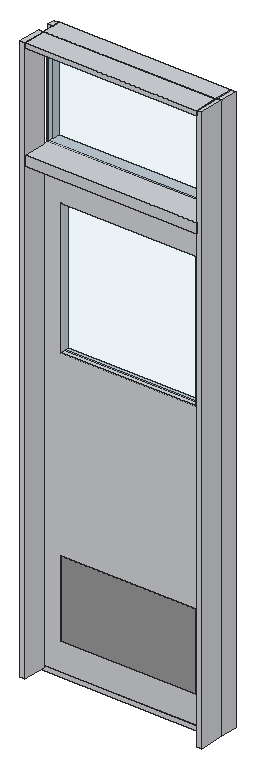
Revit family "Dor_片引き戸_引込み（幕板付）", category ドア, Revit 2020
Family settings
  ホスト = 壁
  常に垂直 = はい
  ロード時にボイドで切り取り = はい
  共有 = いいえ
  部屋計算ポイント = いいえ
Parameters (values of type "片引き戸_引込み（幕板付）")
  開口逃げ位置表示 [instance] = no
  金物_施錠方式(外) = ""
  金物_施錠方式(内) = ""
  金物_支持金物 = ""
  金物_操作金物 = ""
  金物_戸当り = ""
  金物_固定金物 = ""
  金物_フランス落し = ""
  金物_クローザー = ""
  逃げ_左 = 60 mm
  逃げ_右 = 60 mm
  解析用性能 = "<なし>"
  符号_建具記号 = ""
  符号_建具番号 = ""
  無目見付 = 50 mm
  法_随時閉鎖 = yes
  法_防火性能 = ""
  法_遮煙 = yes
  法_常時閉鎖 = yes
  沓摺表示 [instance] = yes
  枠見付上 = 25 mm
  文字_ガラス厚 = ""
  引き残し = 120 mm
  幕板高さ = 500 mm
  幕板_パネル [instance] = no
  幕板_ガラス [instance] = not(幕板_パネル)  # yes
  沓摺見込_Kg [instance] = 150 mm
  ラベル_遮煙 = if(法_遮煙, "S", " ")  # "S"
  ラベル_法囲み = if(法_常時閉鎖, "□", if(法_随時閉鎖, "〇", " "))  # "□"
  マテリアル_ハンドル = none
  ボード厚 [instance] = 25 mm
  ドア高さ = 2400 mm
  ドアパネルタイプ = DP_腰窓+ガラリ : 腰窓+ガラリ
  スリット/小窓位置：戸先 [instance] = yes
  クリアランス_戸尻枠 = 30 mm
  クリアランス_壁パネル間 = 10 mm
  ガラス厚 = 6 mm
  calc_沓摺幅 = パネル幅1 + calc_戸尻位置 + クリアランス_戸尻枠  # 1760 mm
  沓摺タイプ = Kb_沓摺_引込み : Kb_沓摺_引込み
  次による断熱プロパティの定義 = スキーマティック タイプ
  文字_額縁材質 = ""
  文字_額縁仕上 = ""
  文字_沓摺材質 = ""
  文字_沓摺仕上 = ""
  文字_枠材質 = ""
  文字_枠仕上 = ""
  文字_建具材質 = ""
  文字_建具仕上 = ""
  文字_取付場所 = ""
  文字_備考 = ""
  文字_パネル厚 = ""
  文字_ガラリ材質 = ""
  文字_ガラリ仕上 = ""
  文字_ガラス材質 = ""
  文字_アンダーカット = ""
  性能_遮音 = ""
  性能_気密 = ""
  形状_沓摺形状 = ""
  形状_枠形状 = ""
  形状_建具形式 = ""
  形状_ガラリ形状 = ""
  calc_戸袋見込 = パネル厚 + 14 mm + LOCK  # 59 mm
  calc_戸尻位置 = パネル幅1 - 引き残し  # 805 mm
  calc_壁芯ずれ [instance] = オフセット_内側 / 2 + LOCK  # 25 mm
  マテリアル_沓摺 = none
  マテリアル_枠 = none
  マテリアル_パネル = none
  マテリアル_ガラリ = none
  マテリアル_ガラス = ガラス - 透明
  パネル幅2 = 0 mm  # constant formula
  パネル幅1 = 幅 + 枠見付  # 925 mm
  引手表示 [instance] = yes
  Keynote = ""
  オフセット_内側 [instance] = 50 mm
  calc_全幅 = W寸法 + calc_戸尻位置 + クリアランス_戸尻枠 + 枠見付  # 1760 mm
  calc_ボイド高さ [instance] = if(幕板_パネル, H寸法, H寸法 + 枠見付上)  # 2975 mm
  calc_パネル中心_幅 = 枠見付 / 2 + LOCK  # 12.5 mm
  calc_パネル中心_厚 [instance] = ボード厚 + LGS厚 / 2 + 枠ちり外 + LOCK  # 68.5 mm
  W寸法 = 900 mm
  LOCK = 0 mm  # constant formula
  Function = (empty or 0)
  Description = ""
  Rough Width = 0 mm
  高さ = 2650 mm
  枠見付 = 25 mm
  枠ちり外 = 10 mm
  枠ちり内 = 10 mm
  引手_高さ = 900 mm
  引手_オフセット = 80 mm
  戸当見込 = 50 mm
  戸当見付 = 15 mm
  Construction Type = ""
  Wall Closure = (empty or 0)
  幅 = W寸法 + LOCK  # 900 mm
  Rough Height = 0 mm
  パネル高 = ドア高さ - アンダーカット  # 2395 mm
  パネル幅 = パネル幅1 + LOCK  # 925 mm
  パネル厚 = 45 mm
  アンダーカット = 5 mm
  LGS厚 [instance] = 67 mm
  H寸法 [instance] = if(幕板_パネル, ドア高さ + 幕板高さ, ドア高さ + 無目見付 + 幕板高さ)  # 2950 mm
Reference planes
  plane 1: y = 0.417
  plane 2 "中心(左/右)": x = 0
  plane 3 "EXT.": y = 75.417
  plane 4 "内壁": y = -74.583
  plane 5 "左": x = -450
  plane 6 "右": x = 450
  plane 7 "上側": z = 2950
  plane 8: z = 0
  plane 9 "枠ちり外": y = 85.417
  plane 10 "枠外側左": x = -475
  plane 11 "枠外側右": x = 475
  plane 12 "枠見付_上": z = 2975
  plane 13: z = 5
  plane 14 "オフセット_内側": y = -124.583
  plane 15 "枠ちり内": y = -134.583
  plane 16: y = 65.417
  plane 17: x = -480
  plane 18: x = 480
  plane 19: y = -129.583
  plane 20 "パネル中心": y = 16.917
  plane 21: z = 900
  plane 22 "ボード厚": y = 50.417
  plane 23: x = -1280
  plane 24: x = -1310
  plane 25: x = -1335
  plane 26 "パネル幅中心": x = -12.5
  plane 27 "引手位置": x = 370
  plane 28 "沓摺中心": x = -430
  plane 29: y = 65
  plane 30 "LGS厚": y = -16.583
  plane 31 "戸袋内側": y = -12.583
  plane 32 "戸袋外側": y = 46.417
  plane 33: x = -470
  plane 34: y = 80.417
  plane 35: y = 39.417
  plane 36: y = -5.583
  plane 37: z = 2977
  plane 38: y = -5.583
  plane 39: y = 39.417
  plane 40: z = 2450
  plane 41: z = 2400
  plane 42: z = 1202.5
  plane 43: y = 34.417
  plane 44: y = 21.917
  plane 45: y = 11.917
  plane 46: y = 21.917
  plane 47: y = 11.917
  plane 48: y = 21.917
  plane 49: y = 11.917
  plane 50 "逃げ位置": y = 16.917
  plane 51: y = 55.417
  plane 52: y = -104.583
  plane 53: z = 2952
  plane 54: y = 55.417
  plane 55: y = -104.583
  plane 56: x = -330
Forms (mm)
  Extrusion 1, void
    sketch origin (0, 0, 0) x (1, 0, 0) y (0, 1, 0)
      loop
        line (-475, -124.583) -> (475, -124.583) -> (475, 50.417) -> (-475, 50.417) -> (-475, -124.583)
    from 0 to 2975 <- "calc_ボイド高さ"
  Extrusion 2, void
    sketch origin (0, 0, 0) x (1, 0, 0) y (0, 1, 0)
      loop
        line (-475, 75.417) -> (-475, 46.417) -> (475, 46.417) -> (475, 75.417) -> (-475, 75.417)
    from 0 to 2975 <- "calc_ボイド高さ"
  Extrusion 3, solid, material <- "マテリアル_枠", visible <- "幕板_ガラス"
    sketch origin (0, 0, 0) x (1, 0, 0) y (0, 1, 0)
      loop
        line (-450, 85.417) -> (-450, -12.583) -> (450, -12.583) -> (450, 85.417) -> (-450, 85.417)
    from 2950 to 2975
  Extrusion 4, solid, material <- "マテリアル_枠", visible <- "幕板_ガラス"
    sketch origin (0, 0, 0) x (1, 0, 0) y (0, 1, 0)
      loop
        line (-450, -134.583) -> (450, -134.583) -> (450, 46.417) -> (-450, 46.417) -> (-450, -134.583)
    from 2950 to 2975
  Extrusion 5, solid, material <- "マテリアル_枠"
    sketch origin (0, 0, 0) x (1, 0, 0) y (0, 1, 0)
      loop
        line (-475, -134.583) -> (-450, -134.583) -> (-450, -12.583) -> (-475, -12.583) -> (-475, -134.583)
      loop
        line (450, -134.583) -> (475, -134.583) -> (475, -5.583) -> (450, -5.583) -> (450, -134.583)
    from 0 to 2975 <- "calc_ボイド高さ"
  Extrusion 6, solid, material <- "マテリアル_枠"
    sketch origin (0, 0, 0) x (1, 0, 0) y (0, 1, 0)
      loop
        line (-475, 46.417) -> (-450, 46.417) -> (-450, 85.417) -> (-475, 85.417) -> (-475, 46.417)
      loop
        line (450, -5.583) -> (475, -5.583) -> (475, 85.417) -> (450, 85.417) -> (450, -5.583)
    from 0 to 2975 <- "calc_ボイド高さ"
  Extrusion 7, solid, material <- "マテリアル_枠"
    sketch origin (0, 0, 0) x (0, 1, 0) y (0, 0, 1)
      loop
        line (85.417, 2400) -> (85.417, 2450) -> (-134.583, 2450) -> (-134.583, 2400) -> (85.417, 2400)
    from -450 to 450
  Extrusion 8, solid, material <- "マテリアル_パネル", visible <- "幕板_パネル"
    sketch origin (0, 0, 0) x (0, 1, 0) y (0, 0, 1)
      loop
        line (85.417, 2950) -> (-134.583, 2950) -> (-134.583, 2400) -> (85.417, 2400) -> (85.417, 2950)
    from -450 to 450
  Extrusion 9, solid, material "ガラス - 透明" <- "マテリアル_ガラス", visible <- "幕板_ガラス"
    sketch origin (0, 0, 0) x (0, 1, 0) y (0, 0, 1)
      loop
        line (21.917, 2950) -> (11.917, 2950) -> (11.917, 2450) -> (21.917, 2450) -> (21.917, 2950)
    from -450 to 450
  Extrusion 10, void
    sketch origin (0, 0, 0) x (1, 0, 0) y (0, 1, 0)
      loop
        line (-1335, -16.583) -> (-475, -16.583) -> (-475, 50.417) -> (-1335, 50.417) -> (-1335, -16.583)
    from 0 to 2975 <- "calc_ボイド高さ"
Cuts and joins
  Extrusion 10 cuts Extrusion 5
  Extrusion 10 cuts Extrusion 6
Lines and regions (mm)
  Masking region 1
    outline origin (0, 0, 0) x (0, 1, 0) y (0, 0, 1)
      loop
        line (39.417, 2400) -> (-5.583, 2400) -> (-5.583, 5) -> (39.417, 5) -> (39.417, 2400)
  Masking region 2, visible <- "幕板_ガラス"
    outline origin (0, 0, 0) x (0, 1, 0) y (0, 0, 1)
      loop
        line (55.417, 2975) -> (55.417, 2977) -> (-104.583, 2977) -> (-104.583, 2975) -> (-134.583, 2975) -> (-134.583, 2950) -> (85.417, 2950) -> (85.417, 2975) -> (55.417, 2975)
  Masking region 3, detail levels medium+fine
    outline origin (0, 0, 0) x (1, 0, 0) y (0, 1, 0)
      loop
        line (-475, -12.583) -> (-475, -134.583) -> (-450, -134.583) -> (-450, -12.583) -> (-475, -12.583)
      loop
        line (475, -134.583) -> (475, 85.417) -> (450, 85.417) -> (450, -134.583) -> (475, -134.583)
      loop
        line (-1335, -16.583) -> (-1310, -16.583) -> (-1310, 50.417) -> (-1335, 50.417) -> (-1335, -16.583)
      loop
        line (-475, 85.417) -> (-475, 46.417) -> (-450, 46.417) -> (-450, 85.417) -> (-475, 85.417)
  Masking region 4, detail levels coarse
    outline origin (0, 0, 0) x (1, 0, 0) y (0, 1, 0)
      loop
        line (-480, -16.583) -> (-480, -124.583) -> (-450, -124.583) -> (-450, -16.583) -> (-480, -16.583)
      loop
        line (480, 75.417) -> (450, 75.417) -> (450, -124.583) -> (480, -124.583) -> (480, 75.417)
      loop
        line (-480, 50.417) -> (-450, 50.417) -> (-450, 75.417) -> (-480, 75.417) -> (-480, 50.417)
      loop
        line (-1310, 50.417) -> (-1310, 55.417) -> (-1340, 55.417) -> (-1340, -21.583) -> (-1310, -21.583) -> (-1310, -16.583) -> (-1310, 50.417)
  Masking region 5, detail levels medium+fine
    outline origin (0, 0, 0) x (1, 0, 0) y (0, 1, 0)
      loop
        line (-475, -16.583) -> (-475, -12.583) -> (-470, -12.583) -> (-470, 46.417) -> (-475, 46.417) -> (-475, 50.417) -> (-1310, 50.417) -> (-1310, -16.583) -> (-475, -16.583)
  Masking region 6, detail levels coarse
    outline origin (0, 0, 0) x (1, 0, 0) y (0, 1, 0)
      loop
        line (-1310, -16.583) -> (-475, -16.583) -> (-450, -16.583) -> (-450, 50.417) -> (-475, 50.417) -> (-1310, 50.417) -> (-1310, -16.583)
  Masking region 7, visible <- "幕板_ガラス"
    outline origin (0, 0, 0) x (0, 1, 0) y (0, 0, 1)
      loop
        line (85.417, 2400) -> (85.417, 2450) -> (-134.583, 2450) -> (-134.583, 2400) -> (85.417, 2400)
  Masking region 8, visible <- "幕板_ガラス"
    outline origin (0, 0, 0) x (0, 1, 0) y (0, 0, 1)
      loop
        line (21.917, 2450) -> (21.917, 2950) -> (11.917, 2950) -> (11.917, 2450) -> (21.917, 2450)
  Masking region 9, visible <- "幕板_ガラス"
    outline origin (0, 0, 0) x (0, 1, 0) y (0, 0, 1)
      loop
        line (85.417, 2450) -> (85.417, 2950) -> (21.917, 2950) -> (21.917, 2450) -> (85.417, 2450)
      loop
        line (-134.583, 2450) -> (11.917, 2450) -> (11.917, 2950) -> (-134.583, 2950) -> (-134.583, 2450)
  Masking region 10, visible <- "幕板_パネル"
    outline origin (0, 0.835, 5.305) x (0, 1, 0) y (0, 0, 1)
      loop
        line (-135.417, 2394.695) -> (84.583, 2394.695) -> (84.583, 2944.695) -> (54.583, 2944.695) -> (54.583, 2946.695) -> (-105.417, 2946.695) -> (-105.417, 2944.695) -> (-135.417, 2944.695) -> (-135.417, 2394.695)
  symbolic lines
    curve 1: line (0, 135.417, 0) -> (0, -184.583, 0)
Text (mm)
  text "EXT." at (-2295.016, 1099.543, 0), in view "基準レベル"
  text "外部" at (0, 1615.38, 3698.081), in view "左"
  text "外部" at (0, 1036.032, 3874.932), in view "右"
  text "内部" at (0, -1175.082, 3874.932), in view "右"
  text "内部" at (-2295.016, -1087.353, 0), in view "基準レベル"
Dimensions and locks
  equal spacing: plane 5 "左", plane 2 "中心(左/右)", plane 6 "右"
  locked: plane 3 "EXT." to host wall
  locked: plane 4 "内壁" to host wall
  "W寸法": plane 5 "左" to plane 6 "右"
  "H寸法": plane 8 to plane 7 "上側"
  "枠ちり外": plane 3 "EXT." to plane 9 "枠ちり外"
  "枠ちり内": plane 14 "オフセット_内側" to plane 15 "枠ちり内"
  "アンダーカット": plane 13 to plane 8
  locked: plane 3 "EXT." to plane 16 at 10
  locked: curve 1 to plane 9 "枠ちり外" at 50
  locked: plane 15 "枠ちり内" to curve 1 at 50
  plane 4 "内壁" to plane 3 "EXT." = 150 mm
  locked: plane 17 to plane 10 "枠外側左" at 5
  locked: plane 11 "枠外側右" to plane 18 at 5
  locked: plane 14 "オフセット_内側" to plane 19 at 5
  "calc_パネル中心_厚": plane 9 "枠ちり外" to plane 20 "パネル中心"
  "引手_高さ": plane 21 to level
  "枠見付": plane 6 "右" to plane 11 "枠外側右"
  "枠見付": plane 10 "枠外側左" to plane 5 "左"
  plane 7 "上側" to plane 12 "枠見付_上" = 25 mm
  "クリアランス_戸尻枠": plane 24 to plane 23
  "枠見付": plane 25 to plane 24
  "枠見付上": plane 12 "枠見付_上" to plane 7 "上側"
  "calc_パネル中心_幅": plane 26 "パネル幅中心" to plane 2 "中心(左/右)"
  "calc_戸尻位置": plane 23 to plane 10 "枠外側左"
  equal spacing: plane 24, plane 28 "沓摺中心", plane 6 "右"
  "引手_オフセット": plane 27 "引手位置" to plane 6 "右"
  plane 29 to plane 3 "EXT." = 10.417 mm
  plane 8 to plane 7 "上側" = 2950 mm
  "ボード厚": plane 22 "ボード厚" to plane 3 "EXT."
  "LGS厚": plane 22 "ボード厚" to plane 30 "LGS厚"
  equal spacing: plane 32 "戸袋外側", plane 20 "パネル中心", plane 31 "戸袋内側"
  "calc_戸袋見込": plane 32 "戸袋外側" to plane 31 "戸袋内側"
  plane 10 "枠外側左" to plane 33 = 5 mm
  plane 3 "EXT." to plane 34 = 5 mm
  equal spacing: plane 35, plane 20 "パネル中心", plane 36
  "パネル厚": plane 35 to plane 36
  "オフセット_内側": plane 4 "内壁" to plane 14 "オフセット_内側"
  equal spacing: plane 39, plane 20 "パネル中心", plane 38
  "パネル厚": plane 39 to plane 38
  "ドア高さ": plane 41 to plane 8
  "無目見付": plane 40 to plane 41
  plane 7 "上側" to plane 40 = 500 mm
  equal spacing: plane 41, plane 42, plane 13
  plane 37 to plane 12 "枠見付_上" = 2 mm
  plane 39 to plane 43 = 5 mm
  equal spacing: plane 44, plane 20 "パネル中心", plane 45
  plane 44 to plane 45 = 10 mm
  equal spacing: plane 46, plane 20 "パネル中心", plane 47
  plane 46 to plane 47 = 10 mm
  equal spacing: plane 48, plane 20 "パネル中心", plane 49
  plane 48 to plane 49 = 10 mm
  Masking region 4 sketch curve to plane 22 "ボード厚" = 5 mm
  plane 30 "LGS厚" to Masking region 4 sketch curve = 5 mm
  Masking region 4 sketch curve to plane 25 = 5 mm
  plane 7 "上側" to plane 41 = 550 mm
  locked: plane 7 "上側" to plane 53 at 2
  plane 9 "枠ちり外" to plane 51 = 30 mm
  plane 52 to plane 15 "枠ちり内" = 30 mm
  locked: plane 9 "枠ちり外" to plane 54 at 30
  locked: plane 55 to plane 15 "枠ちり内" at 30
  "引き残し": plane 5 "左" to plane 56
  aligned and locked: plane 1 to host wall
  aligned and locked: level to plane 8
  aligned and locked: Extrusion 2 sketch curve to host wall
  aligned and locked: plane 10 "枠外側左" to Extrusion 2 sketch curve
  aligned and locked: plane 11 "枠外側右" to Extrusion 2 sketch curve
  aligned and locked: Extrusion 1 to plane 14 "オフセット_内側"
  aligned and locked: Masking region 2 sketch curve to plane 15 "枠ちり内"
  aligned and locked: plane 9 "枠ちり外" to Masking region 2 sketch curve
  aligned and locked: Masking region 4 sketch curve to plane 17  (x2)
  aligned and locked: plane 6 "右" to Masking region 4 sketch curve
  aligned and locked: Masking region 4 sketch curve to plane 18
  aligned and locked: plane 14 "オフセット_内側" to Masking region 4 sketch curve
  aligned and locked: Masking region 4 sketch curve to plane 14 "オフセット_内側"
  aligned and locked: plane 6 "右" to Masking region 3 sketch curve
  aligned and locked: plane 9 "枠ちり外" to Masking region 3 sketch curve
  aligned and locked: plane 5 "左" to Masking region 3 sketch curve  (x2)
  aligned and locked: Extrusion 3 sketch curve to plane 6 "右"
  aligned and locked: Extrusion 4 sketch curve to plane 15 "枠ちり内"
  aligned and locked: plane 5 "左" to Extrusion 4 sketch curve
  aligned and locked: Extrusion 4 sketch curve to plane 6 "右"
  aligned and locked: plane 12 "枠見付_上" to Extrusion 3
  aligned and locked: plane 7 "上側" to Extrusion 3
  aligned and locked: plane 22 "ボード厚" to Extrusion 1 sketch curve
  aligned and locked: Extrusion 5 sketch curve to plane 15 "枠ちり内"  (x2)
  aligned and locked: Extrusion 5 sketch curve to plane 5 "左"
  aligned and locked: Extrusion 5 sketch curve to plane 10 "枠外側左"
  aligned and locked: plane 6 "右" to Extrusion 5 sketch curve
  aligned and locked: Extrusion 5 sketch curve to plane 11 "枠外側右"
  aligned and locked: plane 7 "上側" to Extrusion 4
  aligned and locked: plane 26 "パネル幅中心" to nested 2
  aligned and locked: plane 27 "引手位置" to nested 4
  aligned and locked: nested 4 to plane 21
  aligned and locked: plane 2 "中心(左/右)" to nested 5
  aligned and locked: nested 3 to plane 20 "パネル中心"
  aligned and locked: plane 20 "パネル中心" to nested 4
  aligned and locked: Masking region 3 sketch curve to plane 31 "戸袋内側"
  aligned and locked: plane 31 "戸袋内側" to Extrusion 5 sketch curve
  aligned and locked: Masking region 4 sketch curve to plane 3 "EXT."
  aligned and locked: Masking region 4 sketch curve to plane 5 "左"
  aligned and locked: nested 2 to plane 20 "パネル中心"
  aligned and locked: Masking region 3 sketch curve to plane 25
  aligned and locked: plane 24 to Masking region 3 sketch curve
  aligned and locked: plane 22 "ボード厚" to Masking region 3 sketch curve
  aligned and locked: Masking region 3 sketch curve to plane 30 "LGS厚"
  aligned and locked: plane 10 "枠外側左" to Masking region 3 sketch curve
  aligned and locked: Masking region 3 sketch curve to plane 32 "戸袋外側"
  aligned and locked: Masking region 3 sketch curve to plane 9 "枠ちり外"
  aligned and locked: plane 30 "LGS厚" to Masking region 5 sketch curve
  aligned and locked: Masking region 5 sketch curve to plane 22 "ボード厚"
  aligned and locked: plane 24 to Masking region 5 sketch curve
  aligned and locked: Masking region 5 sketch curve to plane 10 "枠外側左"  (x2)
  aligned and locked: Masking region 5 sketch curve to plane 32 "戸袋外側"
  aligned and locked: Masking region 5 sketch curve to plane 33
  aligned and locked: plane 31 "戸袋内側" to Masking region 5 sketch curve
  aligned and locked: plane 22 "ボード厚" to Masking region 6 sketch curve  (x2)
  aligned and locked: Masking region 6 sketch curve to plane 30 "LGS厚"  (x2)
  aligned and locked: Masking region 6 sketch curve to plane 24
  aligned and locked: Masking region 6 sketch curve to plane 5 "左"
  aligned and locked: plane 10 "枠外側左" to Masking region 6 sketch curve  (x2)
  aligned and locked: Masking region 4 sketch curve to plane 30 "LGS厚"
  aligned and locked: Masking region 4 sketch curve to plane 22 "ボード厚"
  aligned and locked: Extrusion 3 sketch curve to plane 9 "枠ちり外"
  aligned and locked: Extrusion 3 sketch curve to plane 5 "左"
  aligned and locked: Extrusion 2 sketch curve to plane 32 "戸袋外側"
  aligned and locked: plane 7 "上側" to Masking region 2 sketch curve  (x2)
  aligned and locked: Extrusion 4 sketch curve to plane 32 "戸袋外側"
  aligned and locked: Masking region 1 to nested 3
  aligned and locked: Masking region 1 sketch curve to plane 36
  aligned and locked: Masking region 1 sketch curve to plane 35
  aligned and locked: plane 37 to Masking region 2 sketch curve  (x2)
  aligned and locked: nested 1 to plane 20 "パネル中心"
  aligned and locked: plane 9 "枠ちり外" to Extrusion 6 sketch curve  (x2)
  aligned and locked: plane 6 "右" to Extrusion 6 sketch curve
  aligned and locked: Extrusion 6 sketch curve to plane 11 "枠外側右"
  aligned and locked: Extrusion 6 sketch curve to plane 5 "左"
  aligned and locked: Extrusion 6 sketch curve to plane 10 "枠外側左"
  aligned and locked: Extrusion 6 sketch curve to plane 32 "戸袋外側"
  aligned and locked: Extrusion 3 sketch curve to plane 31 "戸袋内側"
  aligned and locked: Extrusion 6 sketch curve to plane 38
  aligned and locked: plane 38 to Extrusion 5 sketch curve
  aligned and locked: Masking region 1 sketch curve to plane 41
  aligned and locked: nested 5 to plane 42
  aligned and locked: plane 9 "枠ちり外" to Extrusion 7 sketch curve
  aligned and locked: Extrusion 7 sketch curve to plane 15 "枠ちり内"
  aligned and locked: plane 40 to Extrusion 7 sketch curve
  aligned and locked: Extrusion 7 sketch curve to plane 41
  aligned and locked: plane 12 "枠見付_上" to Masking region 2 sketch curve
  aligned and locked: plane 12 "枠見付_上" to Extrusion 4
  aligned and locked: plane 7 "上側" to Extrusion 8 sketch curve
  aligned and locked: plane 44 to Extrusion 9 sketch curve
  aligned and locked: Extrusion 9 sketch curve to plane 45
  aligned and locked: plane 40 to Extrusion 9 sketch curve
  aligned and locked: plane 7 "上側" to Extrusion 9 sketch curve
  aligned and locked: Extrusion 8 to plane 6 "右"
  aligned and locked: Extrusion 9 to plane 6 "右"
  aligned and locked: Extrusion 7 to plane 6 "右"
  aligned and locked: plane 5 "左" to Extrusion 8
  aligned and locked: plane 5 "左" to Extrusion 9
  aligned and locked: plane 5 "左" to Extrusion 7
  aligned and locked: plane 40 to Masking region 7 sketch curve
  aligned and locked: Masking region 7 sketch curve to plane 15 "枠ちり内"
  aligned and locked: Masking region 7 sketch curve to plane 41
  aligned and locked: plane 9 "枠ちり外" to Masking region 7 sketch curve
  aligned and locked: plane 9 "枠ちり外" to Masking region 9 sketch curve
  aligned and locked: plane 15 "枠ちり内" to Masking region 9 sketch curve
  aligned and locked: plane 40 to Masking region 9 sketch curve
  aligned and locked: Masking region 9 sketch curve to plane 40
  aligned and locked: plane 7 "上側" to Masking region 9 sketch curve
  aligned and locked: Masking region 9 sketch curve to plane 7 "上側"
  aligned and locked: Masking region 9 sketch curve to plane 49
  aligned and locked: Masking region 9 sketch curve to plane 48
  aligned and locked: Extrusion 10 sketch curve to plane 25
  aligned and locked: Extrusion 10 sketch curve to plane 30 "LGS厚"
  aligned and locked: plane 22 "ボード厚" to Extrusion 10 sketch curve
  aligned and locked: plane 10 "枠外側左" to Extrusion 10 sketch curve
  aligned and locked: Extrusion 10 to level
  aligned and locked: plane 26 "パネル幅中心" to nested 1
  aligned and locked: Masking region 3 sketch curve to plane 11 "枠外側右"
  aligned and locked: Masking region 4 sketch curve to plane 24
  aligned and locked: plane 22 "ボード厚" to Masking region 4 sketch curve
  aligned and locked: plane 30 "LGS厚" to Masking region 4 sketch curve
  aligned and locked: nested 6 to plane 50 "逃げ位置"
  aligned and locked: plane 41 to Extrusion 8 sketch curve
  aligned and locked: plane 15 "枠ちり内" to Extrusion 8 sketch curve
  aligned and locked: Masking region 10 sketch curve to plane 53
  aligned and locked: plane 51 to Masking region 10 sketch curve
  aligned and locked: Masking region 10 sketch curve to plane 52
  aligned and locked: plane 41 to Masking region 10 sketch curve
  aligned and locked: plane 15 "枠ちり内" to Masking region 10 sketch curve
  aligned and locked: plane 7 "上側" to Masking region 10 sketch curve  (x2)
  aligned and locked: Masking region 2 sketch curve to plane 54
  aligned and locked: plane 55 to Masking region 2 sketch curve
  aligned and locked: plane 28 "沓摺中心" to nested 6
  aligned and locked: plane 20 "パネル中心" to plane 50 "逃げ位置"
Automatic sketch dimensions
  curve 1 to plane 2 "中心(左/右)" = 0 mm
  Extrusion 1 sketch curve to plane 10 "枠外側左" = 0 mm
  Extrusion 1 sketch curve to plane 11 "枠外側右" = 0 mm
  Extrusion 1 sketch curve to plane 14 "オフセット_内側" = 0 mm
  Masking region 1 sketch curve to plane 13 = 0 mm
  Masking region 2 sketch curve to plane 12 "枠見付_上" = 0 mm
  Masking region 8 sketch curve to plane 40 = 0 mm
  Masking region 8 sketch curve to plane 47 = 0 mm
  plane 7 "上側" to Masking region 8 sketch curve = 0 mm
  Masking region 8 sketch curve to plane 46 = 0 mm
  Masking region 3 sketch curve to plane 10 "枠外側左" = 0 mm
  Masking region 3 sketch curve to plane 15 "枠ちり内" = 0 mm  (x2)
  Masking region 4 sketch curve to plane 5 "左" = 0 mm
  Masking region 4 sketch curve to host wall = 0 mm
  Extrusion 8 sketch curve to plane 9 "枠ちり外" = 0 mm
  plane 9 "枠ちり外" to Masking region 10 sketch curve = 0 mm
Nested families
  nested 1: "Kb_沓摺_引込み" at (-12.5, 16.917, 0), アンダーカット <- "アンダーカット", パネル厚 <- "パネル厚", パネル幅 <- "パネル幅1", 沓摺材質 <- "マテリアル_沓摺", type <- "沓摺タイプ", パネル中心位置 <- "calc_パネル中心_厚", 沓摺見込 <- "沓摺見込_Kg", visible <- "沓摺表示", type "Kb_沓摺_引込み"
    with 沓摺見込 150 mm, 沓摺材質 none, パネル幅 925 mm, パネル厚 45 mm, パネル中心位置 68.5 mm, アンダーカット 5 mm
  nested 2: "平面_引き戸" at (-12.5, 16.917, 0), type "平面_引き戸"
    with 幅 925 mm, パネル幅 925 mm
  nested 3: "DP_腰窓+ガラリ" at (-12.5, 16.917, 0), マテリアル_パネル <- "マテリアル_パネル", 幅 <- "パネル幅1", 高さ <- "パネル高", Thickness <- "パネル厚", type <- "ドアパネルタイプ", アンダーカット <- "アンダーカット", マテリアル_ガラス <- "マテリアル_ガラス", マテリアル_ガラリ <- "マテリアル_ガラリ", スリット/小窓位置：戸先 <- "スリット/小窓位置：戸先", ガラス厚 <- "ガラス厚", type "腰窓+ガラリ"
    with 高さ 2395 mm, 幅 925 mm, built-in parameter 1001302 45 mm, マテリアル_パネル none, マテリアル_ガラリ none, マテリアル_ガラス ガラス - 透明, スリット/小窓位置：戸先 yes, ガラス厚 6 mm, アンダーカット 5 mm, calc_窓W 705 mm, calc_窓H 700 mm
  nested 4: "Ha_引手" at (370, 16.917, 900) x (-1, 0, 0) z (0, 0, 1), visible <- "引手表示", type "Ha_引手"
    with パネル厚 45 mm
  nested 5: "立面_スイング_引き戸" at (0, 75.417, 1202.5) x (1, 0, 0) z (0, -1, 0), type "立面_スイング_引き戸"
    with 幅 250 mm
  nested 6: "平面_逃げ位置" at (-430, 16.917, 0), visible <- "開口逃げ位置表示", 幅 <- "calc_全幅", 逃げ_右 <- "逃げ_右", 逃げ_左 <- "逃げ_左", type "平面_逃げ位置"
    with 逃げ_左 60 mm, 逃げ_右 60 mm, 幅 1760 mm
Definition of nested family "Kb_沓摺_引込み"
  Parameters (values of type "Kb_沓摺_引込み")
    沓摺材質 [instance] = none
    Default Elevation = 0 mm
    沓摺見込 [instance] = 150 mm
    パネル幅 [instance] = 830 mm
    パネル厚 [instance] = 45 mm
    パネル中心位置 [instance] = 0 mm
    アンダーカット [instance] = 5 mm
  Reference planes
    plane 1 "中心(正面/背面)": y = 0
    plane 2: z = 0
    plane 3 "中心(左/右)": x = 0
    plane 4 "パネル内側": y = -22.5
    plane 5: x = -415
    plane 6: x = 415
    plane 7: z = 5
    plane 8: z = 3
    plane 9 "パネル外側": y = 22.5
    plane 10: z = -20
    plane 11: y = 0
    plane 12: y = -150
  Forms (mm)
    Extrusion 1, solid, material <- "沓摺材質"
      sketch origin (0, 0, 0) x (0, 1, 0) y (0, 0, 1)
        loop
          line (22.5, -20) -> (22.5, 3) -> (-22.5, 3) -> (-22.5, -20) -> (22.5, -20)
      from -415 to 415
  Lines and regions (mm)
    Masking region 1
      outline origin (0, 0, 0) x (0, 1, 0) y (0, 0, 1)
        loop
          line (22.5, -20) -> (22.5, 3) -> (-22.5, 3) -> (-22.5, -20) -> (22.5, -20)
    Masking region 2, detail levels medium+fine
      outline origin (0, 0, 0) x (1, 0, 0) y (0, 1, 0)
        loop
          line (-415, -22.5) -> (415, -22.5) -> (415, 22.5) -> (-415, 22.5) -> (-415, -22.5)
  Dimensions and locks
    "パネル幅": plane 5 to plane 6
    equal spacing: plane 5, plane 3 "中心(左/右)", plane 6
    "アンダーカット": plane 7 to plane 2
    locked: plane 7 to plane 8 at 2
    equal spacing: plane 9 "パネル外側", plane 1 "中心(正面/背面)", plane 4 "パネル内側"
    "パネル厚": plane 9 "パネル外側" to plane 4 "パネル内側"
    locked: plane 7 to plane 10 at 25
    "パネル中心位置": plane 11 to plane 1 "中心(正面/背面)"
    "沓摺見込": plane 11 to plane 12
    aligned and locked: level to plane 2
    aligned and locked: plane 10 to Extrusion 1 sketch curve
    aligned and locked: Extrusion 1 sketch curve to plane 9 "パネル外側"
    aligned and locked: Extrusion 1 sketch curve to plane 8
    aligned and locked: plane 4 "パネル内側" to Extrusion 1 sketch curve
    aligned and locked: plane 6 to Extrusion 1
    aligned and locked: Extrusion 1 to plane 5
    aligned and locked: Masking region 1 sketch curve to plane 9 "パネル外側"
    aligned and locked: plane 4 "パネル内側" to Masking region 1 sketch curve
    aligned and locked: Masking region 1 sketch curve to plane 8
    aligned and locked: plane 10 to Masking region 1 sketch curve
    aligned and locked: plane 5 to Extrusion 1
    aligned and locked: Extrusion 1 to plane 6
    aligned and locked: plane 9 "パネル外側" to Masking region 2 sketch curve
    aligned and locked: Masking region 2 sketch curve to plane 4 "パネル内側"
    aligned and locked: Masking region 2 sketch curve to plane 5
    aligned and locked: plane 6 to Masking region 2 sketch curve
Definition of nested family "DP_腰窓+ガラリ"
  Parameters (values of type "腰窓+ガラリ")
    Height [instance] = 1995 mm
    Analytic Construction = "<なし>"
    窓位置_戸先 = 110 mm
    窓位置_戸尻 = 110 mm
    Define Thermal Properties by = 1
    Thickness [instance] = 40 mm
    窓腰高 = 1500 mm
    マテリアル_パネル [instance] = none
    マテリアル_ガラリ [instance] = none
    マテリアル_ガラス [instance] = none
    スリット/小窓位置：戸先 [instance] = yes
    ガラリ位置_下 = 150 mm
    窓位置_上 = 200 mm
    Width [instance] = 800 mm
    ガラリH = 400 mm
    ガラス厚 [instance] = 6 mm
    アンダーカット [instance] = 5 mm
    calc_窓W [instance] = Width - 窓位置_戸先 - 窓位置_戸尻  # 580 mm
    calc_窓H [instance] = (Height + アンダーカット) - 窓腰高 - 窓位置_上  # 300 mm
  Reference planes
    plane 1 "中心(正面/背面)": y = 0
    plane 2 "下": z = 0
    plane 3 "中心(左/右)": x = 0
    plane 4 "右": x = 400
    plane 5 "左": x = -400
    plane 6 "前面": y = 20
    plane 7 "背面": y = -20
    plane 8 "上": z = 2000
    plane 9 "框左": x = -290
    plane 10 "框右": x = 290
    plane 11 "ガラス下": z = 1500
    plane 12 "框上": z = 1800
    plane 13 "ガラリ上": z = 550
    plane 14 "框下": z = 150
    plane 15 "窓中央": x = 0
    plane 16: z = 5
  Forms (mm)
    Extrusion 1, solid, material <- "マテリアル_パネル"
      sketch origin (0, 0, 0) x (1, 0, 0) y (0, 0, 1)
        loop
          line (-400, 2000) -> (-400, 5) -> (400, 5) -> (400, 2000) -> (-400, 2000)
        loop
          line (-290, 1800) -> (-290, 1500) -> (290, 1500) -> (290, 1800) -> (-290, 1800)
        loop
          line (-290, 550) -> (-290, 150) -> (290, 150) -> (290, 550) -> (-290, 550)
      from -20 to 20
    Extrusion 2, solid, material <- "マテリアル_ガラリ"
      sketch origin (0, 0, 0) x (1, 0, 0) y (0, 0, 1)
        loop
          line (-290, 550) -> (-290, 150) -> (290, 150) -> (290, 550) -> (-290, 550)
      from -20 to 20
  Dimensions and locks
    equal spacing: plane 5 "左", plane 3 "中心(左/右)", plane 4 "右"
    "Width": plane 5 "左" to plane 4 "右"
    equal spacing: plane 6 "前面", plane 1 "中心(正面/背面)", plane 7 "背面"
    "Thickness": plane 6 "前面" to plane 7 "背面"
    "窓位置_上": plane 8 "上" to plane 12 "框上"
    "窓腰高": plane 11 "ガラス下" to level
    "窓位置_戸先": plane 4 "右" to plane 10 "框右"
    "窓位置_戸尻": plane 9 "框左" to plane 5 "左"
    "ガラリ位置_下": plane 14 "框下" to level
    "ガラリH": plane 13 "ガラリ上" to plane 14 "框下"
    equal spacing: plane 9 "框左", plane 15 "窓中央", plane 10 "框右"
    "アンダーカット": plane 16 to plane 2 "下"
    "Height": plane 8 "上" to plane 16
    aligned and locked: level to plane 2 "下"
    aligned and locked: Extrusion 1 sketch curve to plane 8 "上"
    aligned and locked: plane 5 "左" to Extrusion 1 sketch curve
    aligned and locked: Extrusion 1 sketch curve to plane 4 "右"
    aligned and locked: plane 6 "前面" to Extrusion 1
    aligned and locked: Extrusion 1 to plane 7 "背面"
    aligned and locked: Extrusion 1 sketch curve to plane 12 "框上"
    aligned and locked: plane 9 "框左" to Extrusion 1 sketch curve  (x2)
    aligned and locked: plane 11 "ガラス下" to Extrusion 1 sketch curve
    aligned and locked: plane 10 "框右" to Extrusion 1 sketch curve  (x2)
    aligned and locked: Extrusion 1 sketch curve to plane 13 "ガラリ上"
    aligned and locked: plane 14 "框下" to Extrusion 1 sketch curve
    aligned and locked: Extrusion 2 sketch curve to Extrusion 1  (x4)
    aligned and locked: plane 6 "前面" to Extrusion 2
    aligned and locked: Extrusion 2 to plane 7 "背面"
    aligned and locked: plane 15 "窓中央" to nested 1
    aligned and locked: nested 1 to plane 1 "中心(正面/背面)"
    aligned and locked: plane 16 to Extrusion 1 sketch curve
  Nested families
    nested 1: "DPw_ガラス" at (0, 15, 1500), built-in parameter 1001364 <- "窓腰高", Height <- "calc_窓H", Width <- "calc_窓W", Thickness <- "ガラス厚", マテリアル_ガラス <- "マテリアル_ガラス", type "ガラス"
      with Height 300 mm, Width 580 mm, Thickness 6 mm, マテリアル_ガラス none
  Definition of nested family "DPw_ガラス"
    Parameters (values of type "DPw_ガラス")
      Define Thermal Properties by = 1
      Visual Light Transmittance = 0.9
      Solar Heat Gain Coefficient = 0.78
      Height [instance] = 1000 mm
      Heat Transfer Coefficient (U) = 3.6886 W/(m²·K)
      Width [instance] = 800 mm
      Analytic Construction = "1/8 インチ ピルキントン一重ガラス"
      Thickness [instance] = 6 mm
      マテリアル_ガラス [instance] = none
    Reference planes
      plane 1 "中心(正面/背面)": y = -15
      plane 2 "下": z = 0
      plane 3 "中心(左/右)": x = 0
      plane 4 "左": x = -400
      plane 5 "右": x = 400
      plane 6 "上": z = 1000
      plane 7: y = -12
      plane 8: y = -18
      plane 9: z = 500
    Forms (mm)
      Extrusion 1, solid, material <- "マテリアル_ガラス"
        sketch origin (0, -15, 0) x (1, 0, 0) y (0, 0, 1)
          loop
            line (-400, 0) -> (400, 0) -> (400, 1000) -> (-400, 1000) -> (-400, 0)
        from -3 to 3
    Lines and regions (mm)
      symbolic lines, detail levels medium+fine
        curve 1: line (400, -15, 0) -> (-400, -15, 0)
      symbolic lines, detail levels fine
        curve 2: line (0, -15, 1000) -> (0, -15, 0)
    Dimensions and locks
      equal spacing: plane 4 "左", plane 3 "中心(左/右)", plane 5 "右"
      "Width": plane 4 "左" to plane 5 "右"
      "Height": plane 6 "上" to plane 2 "下"
      equal spacing: plane 6 "上", plane 9, plane 2 "下"
      "Thickness": plane 8 to plane 7
      equal spacing: plane 8, plane 1 "中心(正面/背面)", plane 7
      plane 2 "下" to level = 0 mm
      aligned and locked: plane 5 "右" to Extrusion 1
      aligned and locked: Extrusion 1 to plane 4 "左"
      aligned and locked: Extrusion 1 to plane 7
      aligned and locked: plane 8 to Extrusion 1
      aligned and locked: curve 1 to plane 1 "中心(正面/背面)"
      aligned and locked: plane 4 "左" to curve 1
      aligned and locked: Extrusion 1 to curve 1
      aligned and locked: plane 6 "上" to Extrusion 1
      aligned and locked: plane 2 "下" to curve 2
      aligned and locked: plane 6 "上" to curve 2
      aligned and locked: Extrusion 1 to plane 2 "下"
    Automatic sketch dimensions
      Extrusion 1 sketch curve to plane 4 "左" = 0 mm
      Extrusion 1 sketch curve to plane 5 "右" = 0 mm
      level to Extrusion 1 sketch curve = 0 mm
      Extrusion 1 sketch curve to plane 6 "上" = 0 mm
      curve 2 to plane 1 "中心(正面/背面)" = 0 mm
Definition of nested family "Ha_引手"
  Parameters (values of type "Ha_引手")
    Analytic Construction = "<なし>"
    Define Thermal Properties by = 1
    パネル厚 = 30 mm
    ハンドル = none
    Keynote = "08730.C5"
  Reference planes
    plane 1 "中心(正面/背面)": y = 0
    plane 2: z = 0
    plane 3 "中心 (左/右)": x = 0
    plane 4: y = 15
    plane 5: y = -15
    plane 6: y = -20
    plane 7: y = 20
  Forms (mm)
    Extrusion 1, solid, material <- "ハンドル"
      sketch origin (-30, -15, 0) x (1, 0, 0) y (0, 0, 1)
        loop
          line (20, -40) -> (40, -40) -> (40, 40) -> (20, 40) -> (20, -40)
      from -35 to 5
    Extrusion 2, void
      sketch origin (0, -15, 0) x (-1, 0, 0) y (0, 0, 1)
        loop
          line (5, -25) -> (5, 25) -> (-5, 25) -> (-5, -25) -> (5, -25)
      from -5 to 0
    Extrusion 3, void
      sketch origin (0, 15, 0) x (-1, 0, 0) y (0, 0, 1)
        loop
          line (-5, 25) -> (-5, -25) -> (5, -25) -> (5, 25) -> (-5, 25)
      from 0 to 5
  Cuts and joins
    Extrusion 2, Extrusion 3 cuts Extrusion 1
  Dimensions and locks
    equal spacing: plane 5, plane 1 "中心(正面/背面)", plane 4
    "パネル厚": plane 5 to plane 4
    locked: plane 6 to plane 5 at 5
    locked: plane 4 to plane 7 at 5
    aligned and locked: plane 6 to Extrusion 1
    aligned and locked: Extrusion 1 to plane 7
    aligned and locked: Extrusion 1 to Extrusion 2
    aligned and locked: Extrusion 1 to Extrusion 3
  Automatic sketch dimensions
    Extrusion 1 sketch curve to plane 3 "中心 (左/右)" = 10 mm
    plane 3 "中心 (左/右)" to Extrusion 1 sketch curve = 10 mm
    Extrusion 1 sketch curve to level = 40 mm
    level to Extrusion 1 sketch curve = 40 mm
    plane 3 "中心 (左/右)" to Extrusion 2 sketch curve = 5 mm
    Extrusion 2 sketch curve to plane 3 "中心 (左/右)" = 5 mm
    Extrusion 2 sketch curve to level = 25 mm
    level to Extrusion 2 sketch curve = 25 mm
    plane 3 "中心 (左/右)" to Extrusion 3 sketch curve = 5 mm
    Extrusion 3 sketch curve to plane 3 "中心 (左/右)" = 5 mm
    Extrusion 3 sketch curve to level = 25 mm
    level to Extrusion 3 sketch curve = 25 mm
Definition of nested family "平面_引き戸"
  Parameters (values of type "平面_引き戸")
    引き残し = 120 mm
    幅 = 825 mm
    パネル幅 = 幅  # 825 mm
    パネル厚 = 45 mm
  Reference planes
    plane 1 "中心(正面/背面)": y = 0
    plane 2: z = 0
    plane 3 "中心(左/右)": x = 0
    plane 4: x = -412.5
    plane 5: x = 412.5
    plane 6 "内側": y = -22.5
    plane 7 "外側": y = 22.5
    plane 8: x = -292.5
    plane 9: x = -1117.5
  Lines and regions (mm)
    Masking region 1, in view "基準レベル", detail levels medium+fine
      outline origin (0, 0, 0) x (1, 0, 0) y (0, 1, 0)
        loop
          line (-412.5, -22.5) -> (412.5, -22.5) -> (412.5, 22.5) -> (-412.5, 22.5) -> (-412.5, -22.5)
    detail lines, in view "基準レベル", detail levels medium+fine
      curve 1: line (-412.5, -22.5, 0) -> (-1117.5, -22.5, 0)
      curve 2: line (-1117.5, -22.5, 0) -> (-1117.5, 22.5, 0)
      curve 3: line (-1117.5, 22.5, 0) -> (-412.5, 22.5, 0)
    detail lines, in view "基準レベル", detail levels coarse
      curve 4: line (412.5, 0, 0) -> (-412.5, 0, 0)
      curve 5: line (-1117.5, 0, 0) -> (-412.5, 0, 0)
  Dimensions and locks
    equal spacing: plane 4, plane 3 "中心(左/右)", plane 5
    "幅": plane 4 to plane 5
    "パネル厚": plane 7 "外側" to plane 6 "内側"
    equal spacing: plane 7 "外側", plane 1 "中心(正面/背面)", plane 6 "内側"
    "引き残し": plane 4 to plane 8
    "幅": plane 9 to plane 8
    aligned and locked: Masking region 1 sketch curve to plane 6 "内側"
    aligned and locked: Masking region 1 sketch curve to plane 4
    aligned and locked: plane 5 to Masking region 1 sketch curve
    aligned and locked: plane 7 "外側" to Masking region 1 sketch curve
    aligned and locked: plane 5 to curve 4
    aligned and locked: curve 3 to plane 7 "外側"
    aligned and locked: plane 9 to curve 2
    aligned and locked: Masking region 1 to plane 4
    aligned and locked: plane 6 "内側" to curve 1
    aligned and locked: Masking region 1 to plane 6 "内側"
    aligned and locked: plane 5 to Masking region 1
    aligned and locked: plane 4 to curve 4
    aligned and locked: plane 9 to curve 5
    aligned and locked: plane 1 "中心(正面/背面)" to curve 5
    aligned and locked: curve 4 to plane 1 "中心(正面/背面)"
  Automatic sketch dimensions
    curve 3 to plane 4 = 0 mm
    curve 1 to plane 4 = 0 mm
Definition of nested family "立面_スイング_引き戸"
  Parameters (values of type "立面_スイング_引き戸")
    幅 [instance] = 250 mm
  Reference planes
    plane 1 "中心(正面/背面)": y = 0
    plane 2: z = 0
    plane 3 "中心(左/右)": x = 0
    plane 4: x = -125
    plane 5: x = 125
  Lines and regions (mm)
    detail lines, in view "基準レベル"
      curve 1: line (125, 0, 0) -> (-125, 0, 0)
      curve 2: line (-125, 0, 0) -> (-55.718, 40, 0)
  Dimensions and locks
    equal spacing: plane 4, plane 3 "中心(左/右)", plane 5
    "幅": plane 4 to plane 5
    angle curve 1 to curve 2 = 30.00°
    aligned and locked: plane 4 to curve 1
    aligned and locked: plane 5 to curve 1
  Automatic sketch dimensions
    plane 1 "中心(正面/背面)" to curve 1 = 0 mm
Definition of nested family "平面_逃げ位置"
  Parameters (values of type "平面_逃げ位置")
    逃げ_左 [instance] = 40 mm
    逃げ_右 [instance] = 40 mm
    幅 [instance] = 1000 mm
  Reference planes
    plane 1 "中心(正面/背面)": y = 0
    plane 2: z = 0
    plane 3 "中心(左/右)": x = 0
    plane 4: x = -500
    plane 5: x = 500
    plane 6: x = 540
    plane 7: x = -540
    plane 8: y = -30
    plane 9: y = 30
  Lines and regions (mm)
    detail lines, in view "基準レベル"
      curve 1: line (-540, 30, 0) -> (-540, -30, 0)
      curve 2: line (540, 30, 0) -> (540, -30, 0)
  Dimensions and locks
    equal spacing: plane 4, plane 3 "中心(左/右)", plane 5
    "幅": plane 4 to plane 5
    plane 9 to plane 8 = 60 mm
    equal spacing: plane 9, plane 1 "中心(正面/背面)", plane 8
    "逃げ_左": plane 7 to plane 4
    "逃げ_右": plane 5 to plane 6
    aligned and locked: curve 1 to plane 7
    aligned and locked: plane 6 to curve 2
    aligned and locked: plane 9 to curve 2
  Automatic sketch dimensions
    curve 1 to plane 8 = 0 mm
    curve 2 to plane 8 = 0 mm
    curve 1 to plane 9 = 0 mm
